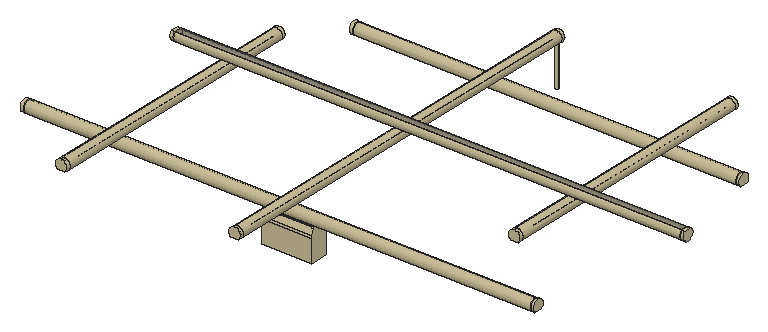
Revit family "PANZERI_HILOW_WALL_LIGHT", category Lighting Fixtures, host Face, Revit 2018
Family settings
  Host = Face
  Round Connector Dimension = Use Diameter
  Part Type = Normal
  OmniClass Number = 23.80.70.00
  OmniClass Title = Lighting
  Cut with Voids When Loaded = No
  Light Source = Yes
  Shared = No
  Room Calculation Point = Yes
Parameters (values of type "Compositions_BlackScreen_MatBrass")
  Wattage = 27.5208 W
  WIDTH = 1130 mm  # constant formula
  WEIGHT = if(SINGLE INSTALLATION, 2.97 kg, 2.15 kg)  # 2.15 kg
  WATTAGE = if(SINGLE INSTALLATION, 77 W, 71 W)  # 71 W
  built-in parameter 1150110 = 1 (stored number, unit not read)
  VOLTAGE = 0 V
  USAGE = "INDOOR - WALL"  # constant formula
  URL = "https://panzeri.it/en/"
  Type Comments = if(SINGLE INSTALLATION, "Direct and indirect light emission. For single installations.", "Direct and indirect light emission. For compositions.")  # "Direct and indirect light emission. For compositions."
  built-in parameter 1114217 = 1 (stored number, unit not read)
  Tilt Angle = -90.00°  # constant formula
  built-in parameter 1150109 = 1 (stored number, unit not read)
  built-in parameter 1150134 = (empty or 0)
  TECHNICAL SHEET = "https://panzeri.it/en/products/product-family/design/indoor/hilow/147/"
  built-in parameter 1150113 = 1 (stored number, unit not read)
  STRUCTURE MATERIAL = PANZERI_ALUMINIUM_POLYACRYLIC_PAINT_MAT_BRASS_19
  SINGLE INSTALLATION = not(COMPOSITIONS)  # no
  Photometric Web File = "Hilow black wall A029__.115.0510 - 8568.IES"
  built-in parameter 1150105 = 325.31 (stored number, unit not read)
  Lumens = 4088 lm
  built-in parameter 1150115 = 1 (stored number, unit not read)
  Light Source Symbol Size = 300 mm
  built-in parameter 1150137 = (empty or 0)
  built-in parameter 1150139 = (empty or 0)
  built-in parameter 1150112 = 1 (stored number, unit not read)
  built-in parameter 1150114 = 1 (stored number, unit not read)
  LIGHTING SPECIFICATION = "LED 71W | 2700K | Ra>90 | 4088lm | 24V DC"
  built-in parameter 1150132 = 2
  built-in parameter 1150102 = (empty or 0)
  built-in parameter 1150107 = 2700 (stored number, unit not read)
  built-in parameter 1150138 = (empty or 0)
  built-in parameter 1150106 = 3.2531 (stored number, unit not read)
  IP RATING = "IP20"  # constant formula
  IK RATING = ""
  HEIGHT = 130 mm  # constant formula
  FREQUENCY RANGE = if(SINGLE INSTALLATION, "50/60Hz", "")  # ""
  FREQUENCY = 0 Hz
  built-in parameter 1150104 = 13.8 (stored number, unit not read)
  Dimming Lamp Color Temperature Shift = <None>
  DEPTH = 820 mm  # constant formula
  PRODUCT SHEET = "https://www.archiproducts.com/en/products/panzeri/led-aluminium-wall-lamp-hilow-wall-lamp_578563"
  PRODUCT CODE = "A02919.115.0510"
  POWER SUPPLY = if(SINGLE INSTALLATION, "220-240V AC", "24V DC")  # "24V DC"
  PACKAGING = "87,0 x 118,0 x 14,0 cm"  # constant formula
  Model = "HILOW WALL"  # constant formula
  Manufacturer = "PANZERI"  # constant formula
  MATERIAL DESCRIPTION = "Pickled sheet metal wall bracket in polyacrylic paint. Pickled sheet metal wall plate in polyacrylic paint. Extruded aluminium structure in polyacrylic paint.\r\nJoints in turned brass and die-cast aluminium in polyacrylic paint. Die-cast aluminium end caps in polyacrylic paint. Extruded polycarbonate diffusers with black finish for direct light emission and opaline finish for indirect light emission."  # constant formula
  Lamp = "LED"  # constant formula
  LAMP MATERIAL = PANZERI_POLYCARBONATE_BLACK_SCREEN_Light_on
  INSTALLATION INSTRUCTIONS = "https://panzeri.it/en/products/product-family/design/indoor/hilow/147/"
  Color Filter = 16777215
  COMPOSITIONS = yes
  CANOPY_LENGTH = if(SINGLE INSTALLATION, 320 mm, 100 mm)  # 100 mm
  CANOPY MATERIAL = PANZERI_ALUMINIUM_POLYACRYLIC_PAINT_MAT_BRASS_19
  ENERGY EFFICIENCY CLASS = "N/D"  # constant formula
  Description = "Wall lighting fixture for interiors, with direct and indirect light emission. ‎"  # constant formula
  Default Elevation = 1219.2 mm
  DESIGNER = "Matteo Thun"  # constant formula
  COLOR RENDERING INDEX = "Ra>90"  # constant formula
  COLLECTION = "HILOW"  # constant formula
  built-in parameter 1114218 = 1 (stored number, unit not read)
  BIM USER MANUAL = "https://bimcad.edilportale.com/PANZERI-BIM-USER-MANUAL-PANZERI-bim.pdf"
  BIM BADGE = "https://bim.archiproducts.com/en/badge/bim-archiproducts-featured_658700/about"
  BIM AUTHOR = "https://bim.archiproducts.com"
  built-in parameter 1150133 = 10 (stored number, unit not read)
  Apparent Load = 0 VA
  AVAILABLE FINISHES = "Structure: white, mat black, bronze, mat brass or titanium; Diffusers: Opaline or black screen. CUSTOM finishes available only on request."  # constant formula
  ACCESSORIES = if(SINGLE INSTALLATION, "DRIVER: integrated included", "DRIVER: remote not included")  # "DRIVER: remote not included"
Types (2, lengths in mm): name | Wattage | WEIGHT | WATTAGE | Type Comments | SINGLE INSTALLATION | Photometric Web File | built-in parameter 1150105 | Lumens | LIGHTING SPECIFICATION | built-in parameter 1150106 | FREQUENCY RANGE | PRODUCT CODE | POWER SUPPLY | COMPOSITIONS | CANOPY_LENGTH | ACCESSORIES
  Single_BlackScreen_MatBrass | 25.6628 W | 2.97 kg | 77 W | "Direct and indirect light emission. For single installations." | yes | "Hilow black wall A029__.115.0502 - 8064.IES" | 303.35 (stored number, unit not read) | 3812 lm | "LED 77W | 2700K | Ra>90 | 3812lm | 220-240V AC | dimmable (DALI |Push DIM)" | 3.0335 (stored number, unit not read) | "50/60Hz" | "A02919.115.0502" | "220-240V AC" | no | 320 | "DRIVER: integrated included"
  Compositions_BlackScreen_MatBrass | 27.5208 W | 2.15 kg | 71 W | "Direct and indirect light emission. For compositions." | no | "Hilow black wall A029__.115.0510 - 8568.IES" | 325.31 (stored number, unit not read) | 4088 lm | "LED 71W | 2700K | Ra>90 | 4088lm | 24V DC" | 3.2531 (stored number, unit not read) | "" | "A02919.115.0510" | "24V DC" | yes | 100 | "DRIVER: remote not included"
Reference planes
  plane 1 "Center (Front/Back)": y = 0
  plane 2: z = 0
  plane 3 "Center (Left/Right)": x = 0
  plane 4 "LIGHT SOURCE PLAN": z = 128.537
  plane 5: y = 668.5
  plane 6: y = -151.5
  plane 7: x = -541.5
  plane 8: x = 588.5
Forms (mm)
  Extrusion 1, solid, material "PANZERI_ALUMINIUM_POLYACRYLIC_PAINT_MAT_BRASS_19" <- "CANOPY MATERIAL", detail levels fine
    sketch origin (0, 0, 0) x (0, 1, 0) y (0, 0, 1)
      loop
        line (18.509, 0) -> (18.509, 45.355)
        arc (18.509, 45.355) -> (18.241, 47.817) -> (17.452, 50.164) r 11.465
        line (17.452, 50.164) -> (12.11, 61.725)
        arc (12.11, 61.725) -> (11.517, 62.405) -> (10.651, 62.658) r 1.607
        line (10.651, 62.658) -> (-10.655, 62.658)
        arc (-10.655, 62.658) -> (-11.517, 62.406) -> (-12.108, 61.729) r 1.6
        line (-12.108, 61.729) -> (-17.448, 50.171)
        arc (-17.448, 50.171) -> (-18.241, 47.817) -> (-18.509, 45.348) r 11.5
        line (-18.509, 45.348) -> (-18.509, 0) -> (18.509, 0)
    from -50 to 50
  Extrusion 2, solid, material "PANZERI_ALUMINIUM_POLYACRYLIC_PAINT_MAT_BRASS_19" <- "STRUCTURE MATERIAL", detail levels fine
    sketch origin (0, 0, 0) x (1, 0, 0) y (0, 1, 0)
      loop
        circle (0, 664.513) r 2.863
    from 0 to 86.322
Lines and regions (mm)
  symbolic lines, detail levels coarse
    curve 1: line (-50, 0, 0) -> (50, 0, 0)
    curve 2: line (-50, 0, 62.658) -> (-50, 0, 0)
    curve 3: line (50, 0, 62.658) -> (-50, 0, 62.658)
    curve 4: line (50, 0, 0) -> (50, 0, 62.658)
    curve 5: line (0, 18.509, 0) -> (0, -18.509, 0)
    curve 6: line (0, 18.509, 62.658) -> (0, 18.509, 0)
    curve 7: line (0, -18.509, 62.658) -> (0, 18.509, 62.658)
    curve 8: line (0, -18.509, 0) -> (0, -18.509, 62.658)
Dimensions and locks
  "DEPTH": plane 5 to plane 6
  "WIDTH": plane 7 to plane 8
  locked: plane 4 "LIGHT SOURCE PLAN" to plane 2 at 128.537
  locked: plane 6 to plane 1 "Center (Front/Back)" at 151.5
  equal spacing: Extrusion 1, plane 3 "Center (Left/Right)", Extrusion 1
  "CANOPY_LENGTH": Extrusion 1 to Extrusion 1
  aligned and locked: plane 2 to host face
  aligned and locked: level to host face
  aligned and locked: imposter light to plane 3 "Center (Left/Right)"
  aligned and locked: plane 4 "LIGHT SOURCE PLAN" to imposter light
Automatic sketch dimensions
  host sketch curve to host sketch curve = 2438.4 mm  (x2)
  Extrusion 1 sketch curve to level = 0 mm
  plane 1 "Center (Front/Back)" to Extrusion 1 sketch curve = 18.509 mm
  Extrusion 1 sketch curve to Extrusion 1 sketch curve = 1.061 mm
  Extrusion 1 sketch curve to Extrusion 1 sketch curve = 5.341 mm
  Extrusion 1 sketch curve to Extrusion 1 sketch curve = 1.452 mm
  plane 1 "Center (Front/Back)" to Extrusion 1 sketch curve = 7.009 mm
  Extrusion 1 sketch curve to plane 1 "Center (Front/Back)" = 7.044 mm
  Extrusion 1 sketch curve to plane 1 "Center (Front/Back)" = 10.651 mm
  Extrusion 1 sketch curve to Extrusion 1 sketch curve = 1.459 mm
  Extrusion 1 sketch curve to Extrusion 1 sketch curve = 10.408 mm
  Extrusion 1 sketch curve to Extrusion 1 sketch curve = 1.057 mm
  Extrusion 1 sketch curve to Extrusion 1 sketch curve = 10.887 mm  (x2)
  Extrusion 1 sketch curve to Extrusion 1 sketch curve = 0.674 mm
  Extrusion 1 sketch curve to Extrusion 1 sketch curve = 45.348 mm
  Extrusion 1 sketch curve to Extrusion 1 sketch curve = 0.008 mm
  Extrusion 2 sketch curve to plane 3 "Center (Left/Right)" = 0 mm
  Extrusion 2 sketch curve to plane 5 = 3.987 mm
  curve 2 to level = 0 mm
  curve 3 to plane 3 "Center (Left/Right)" = 50 mm
  plane 3 "Center (Left/Right)" to curve 3 = 50 mm
  curve 1 to curve 3 = 62.658 mm
  curve 5 to level = 0 mm
  plane 1 "Center (Front/Back)" to curve 5 = 18.509 mm
  curve 7 to plane 1 "Center (Front/Back)" = 18.509 mm
  curve 5 to curve 7 = 62.658 mm
  radius of Extrusion 2 sketch curve = 2.863 mm
Nested families
  nested 1: "Lighting symbol" at (0, 0, 0) x (0.7071, -0.7071, 0) z (0, 0, 1), Light Source Symbol Size <- "Light Source Symbol Size", type "Lighting symbol", detail levels coarse
    with Light Source Symbol Size 300 mm
  nested 2: "1_body_PANZERI_HILOW_WALL_LIGHT" at (0, 0, 62.658), LAMP MATERIAL <- "LAMP MATERIAL", STRUCTURE MATERIAL <- "STRUCTURE MATERIAL", type "1_body_PANZERI_HILOW_WALL_LIGHT"
    with STRUCTURE MATERIAL PANZERI_ALUMINIUM_POLYACRYLIC_PAINT_MAT_BRASS_19, LAMP MATERIAL PANZERI_POLYCARBONATE_BLACK_SCREEN_Light_on
Connectors
  electrical at (0, 0, 0), driven by "VOLTAGE", driven by "Apparent Load"
    settings: on Extrusion 1, index 1, voltage 0 V, apparent load 0 VA, apparent load phase1 0 VA, apparent load phase2 0 VA, apparent load phase3 0 VA, power factor 1, load classification "Lighting", number of poles 1, system type 30, power factor state 1, is connector primary yes, connector utility no, sub classification motor no, connector description ""
Definition of nested family "1_body_PANZERI_HILOW_WALL_LIGHT"
  Parameters (values of type "1_body_PANZERI_HILOW_WALL_LIGHT")
    STRUCTURE MATERIAL [instance] = none
    LAMP MATERIAL [instance] = none
    Default Elevation = 1219.2 mm
  Reference planes
    plane 1 "Light Source Axis (F/B)": y = 0
    plane 2: z = 0
    plane 3 "Light Source Axis (L/R)": x = 0
    plane 4 "Light Source Elevation": z = 0
  Forms (mm)
    Extrusion 1, solid, material <- "STRUCTURE MATERIAL", detail levels fine
      sketch origin (47.5, -0.115, 500.134) x (0, 1, 0) y (0, 0, 1)
        loop
          arc (251.707, -434.256) -> (259.46, -454.398) -> (267.214, -434.256) r 11.564
          line (267.214, -434.256) -> (266.543, -434.926)
          arc (266.543, -434.926) -> (259.46, -453.451) -> (252.377, -434.926) r 10.616
          line (252.377, -434.926) -> (251.707, -434.256)
      from -489.5 to 534.5
    Extrusion 2, solid, material <- "STRUCTURE MATERIAL", detail levels fine
      sketch origin (47.5, -0.115, 500.134) x (0, 1, 0) y (0, 0, 1)
        loop
          arc (251.707, -434.256) -> (259.46, -454.398) -> (267.214, -434.256) r 11.564
          line (267.214, -434.256) -> (251.707, -434.256)
      from 534.5 to 541
    Extrusion 3, solid, material <- "STRUCTURE MATERIAL", detail levels fine
      sketch origin (-103.5, -0.115, 500.134) x (0, 1, 0) y (0, 0, 1)
        loop
          arc (251.707, -434.256) -> (259.46, -454.398) -> (267.214, -434.256) r 11.564
          line (267.214, -434.256) -> (251.707, -434.256)
      from -345 to -338.5
    Extrusion 4, solid, material <- "LAMP MATERIAL", detail levels fine
      sketch origin (0, 259.379, 45.735) x (0, 1, 0) y (0, 0, 1)
        loop
          line (7.72, 20.143) -> (-7.787, 20.143) -> (-7.116, 19.472) -> (7.049, 19.472) -> (7.72, 20.143)
      from -442 to 582
    Extrusion 5, solid, material <- "STRUCTURE MATERIAL", detail levels fine
      sketch origin (47.5, 259.54, -434.256) x (0, 1, 0) y (0, 0, 1)
        loop
          line (251.707, 434.256) -> (252.377, 434.926)
          arc (252.377, 434.926) -> (259.46, 453.451) -> (266.543, 434.926) r 10.616
          line (266.543, 434.926) -> (267.214, 434.256)
          arc (267.214, 434.256) -> (259.46, 454.398) -> (251.707, 434.256) r 11.564
      from -334.5 to 439.5
    Extrusion 6, solid, material <- "STRUCTURE MATERIAL", detail levels fine
      sketch origin (47.5, 259.54, -434.256) x (0, 1, 0) y (0, 0, 1)
        loop
          line (251.707, 434.256) -> (267.214, 434.256)
          arc (267.214, 434.256) -> (259.46, 454.398) -> (251.707, 434.256) r 11.564
      from 439.5 to 446
    Extrusion 7, solid, material <- "STRUCTURE MATERIAL", detail levels fine
      sketch origin (-103.5, 259.54, -434.256) x (0, 1, 0) y (0, 0, 1)
        loop
          line (251.707, 434.256) -> (267.214, 434.256)
          arc (267.214, 434.256) -> (259.46, 454.398) -> (251.707, 434.256) r 11.564
      from -190 to -183.5
    Extrusion 8, solid, material <- "LAMP MATERIAL", detail levels fine
      sketch origin (0, 519.033, 20.143) x (0, 1, 0) y (0, 0, 1)
        loop
          line (7.72, -20.143) -> (7.049, -19.472) -> (-7.116, -19.472) -> (-7.787, -20.143) -> (7.72, -20.143)
      from -287 to 487
    Extrusion 9, solid, material <- "STRUCTURE MATERIAL", detail levels fine
      sketch origin (47.5, -259.46, -434.256) x (0, 1, 0) y (0, 0, 1)
        loop
          line (251.707, 434.256) -> (252.377, 434.926)
          arc (252.377, 434.926) -> (259.46, 453.451) -> (266.543, 434.926) r 10.616
          line (266.543, 434.926) -> (267.214, 434.256)
          arc (267.214, 434.256) -> (259.46, 454.398) -> (251.707, 434.256) r 11.564
      from -584.5 to 439.5
    Extrusion 10, solid, material <- "STRUCTURE MATERIAL", detail levels fine
      sketch origin (47.5, -259.46, -434.256) x (0, 1, 0) y (0, 0, 1)
        loop
          line (251.707, 434.256) -> (267.214, 434.256)
          arc (267.214, 434.256) -> (259.46, 454.398) -> (251.707, 434.256) r 11.564
      from 439.5 to 446
    Extrusion 11, solid, material <- "STRUCTURE MATERIAL", detail levels fine
      sketch origin (-103.5, -259.46, -434.256) x (0, 1, 0) y (0, 0, 1)
        loop
          line (251.707, 434.256) -> (267.214, 434.256)
          arc (267.214, 434.256) -> (259.46, 454.398) -> (251.707, 434.256) r 11.564
      from -440 to -433.5
    Extrusion 12, solid, material <- "LAMP MATERIAL", detail levels fine
      sketch origin (0, 0.033, 20.143) x (0, 1, 0) y (0, 0, 1)
        loop
          line (7.72, -20.143) -> (7.049, -19.472) -> (-7.116, -19.472) -> (-7.787, -20.143) -> (7.72, -20.143)
      from -537 to 487
    Extrusion 13, solid, material <- "STRUCTURE MATERIAL", detail levels fine
      sketch origin (-722.478, 0, 66.037) x (-1, 0, 0) y (0, 0, -1)
        loop
          arc (-380.232, 43.044) -> (-372.478, 22.901) -> (-364.725, 43.044) r 11.564
          line (-364.725, 43.044) -> (-365.396, 42.373)
          arc (-365.396, 42.373) -> (-372.478, 23.848) -> (-379.561, 42.373) r 10.616
          line (-379.561, 42.373) -> (-380.232, 43.044)
      from -393 to 143
    Extrusion 14, solid, material <- "LAMP MATERIAL", detail levels fine
      sketch origin (-722.478, 0, 66.037) x (-1, 0, 0) y (0, 0, -1)
        loop
          line (-379.561, 42.373) -> (-365.396, 42.373) -> (-364.725, 43.044) -> (-380.232, 43.044) -> (-379.561, 42.373)
      from -393 to 143
    Extrusion 15, solid, material <- "STRUCTURE MATERIAL", detail levels fine
      sketch origin (-722.478, 0, 66.037) x (-1, 0, 0) y (0, 0, -1)
        loop
          arc (-380.232, 43.044) -> (-372.478, 22.901) -> (-364.725, 43.044) r 11.564
          line (-364.725, 43.044) -> (-380.232, 43.044)
      from 143 to 149.5
    Extrusion 16, solid, material <- "STRUCTURE MATERIAL", detail levels fine
      sketch origin (-722.478, 50.033, 66.037) x (-1, 0, 0) y (0, 0, -1)
        loop
          arc (-380.232, 43.044) -> (-372.478, 22.901) -> (-364.725, 43.044) r 11.564
          line (-364.725, 43.044) -> (-380.232, 43.044)
      from -349.467 to -342.967
    Extrusion 17, solid, material <- "STRUCTURE MATERIAL", detail levels fine
      sketch origin (-372.478, 0, 66.037) x (-1, 0, 0) y (0, 0, -1)
        loop
          arc (-380.232, 43.044) -> (-372.478, 22.901) -> (-364.725, 43.044) r 11.564
          line (-364.725, 43.044) -> (-365.396, 42.373)
          arc (-365.396, 42.373) -> (-372.478, 23.848) -> (-379.561, 42.373) r 10.616
          line (-379.561, 42.373) -> (-380.232, 43.044)
      from -662 to 143
    Extrusion 18, solid, material <- "LAMP MATERIAL", detail levels fine
      sketch origin (-372.478, 0, 66.037) x (-1, 0, 0) y (0, 0, -1)
        loop
          line (-379.561, 42.373) -> (-365.396, 42.373) -> (-364.725, 43.044) -> (-380.232, 43.044) -> (-379.561, 42.373)
      from -662 to 143
    Extrusion 19, solid, material <- "STRUCTURE MATERIAL", detail levels fine
      sketch origin (-372.478, 0, 66.037) x (-1, 0, 0) y (0, 0, -1)
        loop
          arc (-380.232, 43.044) -> (-372.478, 22.901) -> (-364.725, 43.044) r 11.564
          line (-364.725, 43.044) -> (-380.232, 43.044)
      from 143 to 149.5
    Extrusion 20, solid, material <- "STRUCTURE MATERIAL", detail levels fine
      sketch origin (-372.478, 50.033, 66.037) x (-1, 0, 0) y (0, 0, -1)
        loop
          arc (-380.232, 43.044) -> (-372.478, 22.901) -> (-364.725, 43.044) r 11.564
          line (-364.725, 43.044) -> (-380.232, 43.044)
      from -618.467 to -611.967
    Extrusion 21, solid, material <- "STRUCTURE MATERIAL", detail levels fine
      sketch origin (-22.478, 0, 66.037) x (-1, 0, 0) y (0, 0, -1)
        loop
          arc (-380.232, 43.044) -> (-372.478, 22.901) -> (-364.725, 43.044) r 11.564
          line (-364.725, 43.044) -> (-365.396, 42.373)
          arc (-365.396, 42.373) -> (-372.478, 23.848) -> (-379.561, 42.373) r 10.616
          line (-379.561, 42.373) -> (-380.232, 43.044)
      from -662 to -126
    Extrusion 22, solid, material <- "LAMP MATERIAL", detail levels fine
      sketch origin (-22.478, 0, 66.037) x (-1, 0, 0) y (0, 0, -1)
        loop
          line (-379.561, 42.373) -> (-365.396, 42.373) -> (-364.725, 43.044) -> (-380.232, 43.044) -> (-379.561, 42.373)
      from -662 to -126
    Extrusion 23, solid, material <- "STRUCTURE MATERIAL", detail levels fine
      sketch origin (-22.478, 0, 66.037) x (-1, 0, 0) y (0, 0, -1)
        loop
          arc (-380.232, 43.044) -> (-372.478, 22.901) -> (-364.725, 43.044) r 11.564
          line (-364.725, 43.044) -> (-380.232, 43.044)
      from -126 to -119.5
    Extrusion 24, solid, material <- "STRUCTURE MATERIAL", detail levels fine
      sketch origin (-22.478, 50.033, 66.037) x (-1, 0, 0) y (0, 0, -1)
        loop
          arc (-380.232, 43.044) -> (-372.478, 22.901) -> (-364.725, 43.044) r 11.564
          line (-364.725, 43.044) -> (-380.232, 43.044)
      from -611.967 to -618.467
    Extrusion 25, solid, detail levels medium
      sketch origin (0, 0, 0) x (1, 0, 0) y (0, 1, 0)
        loop
          line (493.5, 668.5) -> (-11.564, 668.5) -> (-11.564, 530.564) -> (-361.564, 530.564) -> (-361.564, 270.909) -> (-448.5, 270.909) -> (-448.5, 11.564) -> (-543.5, 11.564) -> (-543.5, -149.5) -> (11.564, -149.5) -> (11.564, -11.564) -> (588.5, -11.564) -> (588.5, 270.909) -> (493.5, 270.909) -> (493.5, 668.5)
      from 0 to 65.878
  Lines and regions (mm)
    symbolic lines, detail levels coarse
      curve 1: line (-543.5, 0, 65.878) -> (588.5, 0, 65.878)
      curve 2: line (-543.5, 0, 0) -> (-543.5, 0, 65.878)
      curve 3: line (588.5, 0, 0) -> (-543.5, 0, 0)
      curve 4: line (588.5, 0, 65.878) -> (588.5, 0, 0)
      curve 5: line (0, 668.5, 65.878) -> (0, -149.5, 65.878)
      curve 6: line (0, 668.5, 0) -> (0, 668.5, 65.878)
      curve 7: line (0, -149.5, 0) -> (0, 668.5, 0)
      curve 8: line (0, -149.5, 65.878) -> (0, -149.5, 0)
  Dimensions and locks
    aligned and locked: level to plane 2
Definition of nested family "Lighting symbol"
  Parameters (values of type "Lighting symbol")
    Light Source Symbol Size [instance] = 350 mm
  Reference planes
    plane 1 "Center (Front/Back)": y = 0
    plane 2: z = 0
    plane 3 "Center (Left/Right)": x = 0
  Lines and regions (mm)
    detail lines, in view "Ref. Level", detail levels coarse
      curve 1: circle (0, 0, 0) r 175 normal (0, 0, 1)
      curve 2: line (175, 0, 0) -> (-175, 0, 0)
      curve 3: line (0, 175, 0) -> (0, -175, 0)
  Dimensions and locks
    "Light Source Symbol Size": diameter of curve 1
    aligned and locked: curve 3 to plane 3 "Center (Left/Right)"
    aligned and locked: curve 2 to plane 1 "Center (Front/Back)"
  Automatic sketch dimensions
    plane 1 "Center (Front/Back)" to curve 1 = 0 mm
    curve 1 to plane 3 "Center (Left/Right)" = 0 mm
